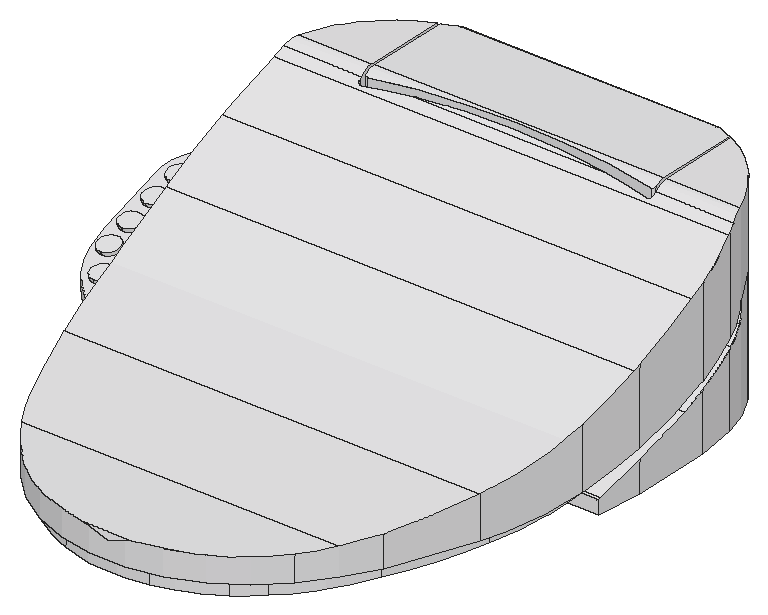
Revit family "Bidet_Seat-Elongated_Closed_Front-Cleansing-KOHLER-C3-330-K-23357T_1", category Plumbing Fixtures, host Face, Revit 2017 (continued)
Definition of nested family "K-23357T"
  Lines and regions (in)
    symbolic lines, detail levels medium+fine
      curve 107: spline (-8.20952, 0, 2.5353) -> (-8.30123, 0, 2.53279) -> (-8.38669, 0, 2.52541) -> (-8.46007, 0, 2.51368) -> (-8.51638, 0, 2.49838) -> (-8.55178, 0, 2.48058) -> (-8.56385, 0, 2.46147) -> (-8.55178, 0, 2.44236) -> (-8.51638, 0, 2.42455) -> (-8.46007, 0, 2.40926) -> (-8.38669, 0, 2.39753) -> (-8.30123, 0, 2.39015) -> (-8.20952, 0, 2.38763)
      curve 108: spline (-8.20952, 0, 2.38763) -> (-8.11782, 0, 2.39015) -> (-8.03236, 0, 2.39753) -> (-7.95897, 0, 2.40926) -> (-7.90266, 0, 2.42455) -> (-7.86727, 0, 2.44236) -> (-7.85519, 0, 2.46147) -> (-7.86727, 0, 2.48058) -> (-7.90266, 0, 2.49838) -> (-7.95897, 0, 2.51368) -> (-8.03236, 0, 2.52541) -> (-8.11782, 0, 2.53279) -> (-8.20952, 0, 2.5353)
      curve 109: spline (-8.16031, 0, 2.16203) -> (-8.0686, 0, 2.16455) -> (-7.98315, 0, 2.17192) -> (-7.90976, 0, 2.18366) -> (-7.85345, 0, 2.19895) -> (-7.81805, 0, 2.21676) -> (-7.80598, 0, 2.23587) -> (-7.81805, 0, 2.25497) -> (-7.85345, 0, 2.27278) -> (-7.90976, 0, 2.28807) -> (-7.98315, 0, 2.29981) -> (-8.0686, 0, 2.30718) -> (-8.16031, 0, 2.3097)
      curve 110: spline (-8.16031, 0, 2.3097) -> (-8.25202, 0, 2.30718) -> (-8.33748, 0, 2.29981) -> (-8.41086, 0, 2.28807) -> (-8.46717, 0, 2.27278) -> (-8.50257, 0, 2.25497) -> (-8.51464, 0, 2.23587) -> (-8.50257, 0, 2.21676) -> (-8.46717, 0, 2.19895) -> (-8.41086, 0, 2.18366) -> (-8.33748, 0, 2.17192) -> (-8.25202, 0, 2.16455) -> (-8.16031, 0, 2.16203)
      curve 111: spline (-8.98388, 0, 1.96045) -> (-8.89217, 0, 1.96297) -> (-8.80671, 0, 1.97034) -> (-8.73333, 0, 1.98208) -> (-8.67702, 0, 1.99737) -> (-8.64162, 0, 2.01517) -> (-8.62954, 0, 2.03428) -> (-8.64162, 0, 2.05339) -> (-8.67702, 0, 2.0712) -> (-8.73333, 0, 2.08649) -> (-8.80671, 0, 2.09823) -> (-8.89217, 0, 2.1056) -> (-8.98388, 0, 2.10812)
      curve 112: spline (-8.98388, 0, 2.10812) -> (-9.07558, 0, 2.1056) -> (-9.16104, 0, 2.09823) -> (-9.23443, 0, 2.08649) -> (-9.29074, 0, 2.0712) -> (-9.32613, 0, 2.05339) -> (-9.33821, 0, 2.03428) -> (-9.32613, 0, 2.01517) -> (-9.29074, 0, 1.99737) -> (-9.23443, 0, 1.98208) -> (-9.16104, 0, 1.97034) -> (-9.07558, 0, 1.96297) -> (-8.98388, 0, 1.96045)
      curve 113: spline (-8.44254, 0, 1.90047) -> (-8.53424, 0, 1.89796) -> (-8.6197, 0, 1.89058) -> (-8.69309, 0, 1.87885) -> (-8.7494, 0, 1.86356) -> (-8.78479, 0, 1.84575) -> (-8.79687, 0, 1.82664) -> (-8.78479, 0, 1.80753) -> (-8.7494, 0, 1.78972) -> (-8.69309, 0, 1.77443) -> (-8.6197, 0, 1.7627) -> (-8.53424, 0, 1.75532) -> (-8.44254, 0, 1.75281)
      curve 114: spline (-8.44254, 0, 1.75281) -> (-8.35083, 0, 1.75532) -> (-8.26537, 0, 1.7627) -> (-8.19199, 0, 1.77443) -> (-8.13568, 0, 1.78972) -> (-8.10028, 0, 1.80753) -> (-8.08821, 0, 1.82664) -> (-8.10028, 0, 1.84575) -> (-8.13568, 0, 1.86356) -> (-8.19199, 0, 1.87885) -> (-8.26537, 0, 1.89058) -> (-8.35083, 0, 1.89796) -> (-8.44254, 0, 1.90047)
      curve 115: spline (-8.1111, 0, 2.09435) -> (-8.20281, 0, 2.09183) -> (-8.28826, 0, 2.08446) -> (-8.36165, 0, 2.07273) -> (-8.41796, 0, 2.05743) -> (-8.45336, 0, 2.03963) -> (-8.46543, 0, 2.02052) -> (-8.45336, 0, 2.00141) -> (-8.41796, 0, 1.9836) -> (-8.36165, 0, 1.96831) -> (-8.28826, 0, 1.95658) -> (-8.20281, 0, 1.9492) -> (-8.1111, 0, 1.94668)
      curve 116: spline (-8.1111, 0, 1.94668) -> (-8.01939, 0, 1.9492) -> (-7.93393, 0, 1.95658) -> (-7.86055, 0, 1.96831) -> (-7.80424, 0, 1.9836) -> (-7.76884, 0, 2.00141) -> (-7.75677, 0, 2.02052) -> (-7.76884, 0, 2.03963) -> (-7.80424, 0, 2.05743) -> (-7.86055, 0, 2.07273) -> (-7.93393, 0, 2.08446) -> (-8.01939, 0, 2.09183) -> (-8.1111, 0, 2.09435)
      curve 117: line (-8.08821, 0, 1.82664) -> (-8.08821, 0, 1.64462)
      curve 118: line (-8.79687, 0, 1.82664) -> (-8.79687, 0, 1.64462)
      curve 119: spline (-8.08821, 0, 1.64462) -> (-8.10028, 0, 1.62551) -> (-8.13568, 0, 1.60771) -> (-8.19199, 0, 1.59241) -> (-8.26537, 0, 1.58068) -> (-8.35083, 0, 1.57331) -> (-8.44254, 0, 1.57079) -> (-8.53424, 0, 1.57331) -> (-8.6197, 0, 1.58068) -> (-8.69309, 0, 1.59241) -> (-8.7494, 0, 1.60771) -> (-8.78479, 0, 1.62551) -> (-8.79687, 0, 1.64462)
      curve 120: line (-7.75677, 0, 2.02052) -> (-7.75677, 0, 1.82367)
      curve 121: line (-8.46543, 0, 2.02052) -> (-8.46543, 0, 1.90032)
      curve 122: line (-8.62954, 0, 2.03428) -> (-8.62954, 0, 1.88935)
      curve 123: line (-9.33821, 0, 2.03428) -> (-9.33821, 0, 1.83743)
      curve 124: line (-9.43663, 0, 2.24963) -> (-9.43663, 0, 2.08733)
      curve 125: line (-8.72797, 0, 2.24963) -> (-8.72797, 0, 2.08733)
      curve 126: line (-8.51464, 0, 2.23587) -> (-8.51464, 0, 2.08733)
      curve 127: line (-7.80598, 0, 2.23587) -> (-7.80598, 0, 2.08733)
      curve 128: line (-8.56385, 0, 2.46147) -> (-8.56385, 0, 2.32816)
      curve 129: line (-7.85519, 0, 2.46147) -> (-7.85519, 0, 2.30752)
      curve 130: line (-8.77718, 0, 2.47523) -> (-8.77718, 0, 2.32816)
      curve 131: line (-9.48584, 0, 2.47523) -> (-9.48584, 0, 2.32816)
      curve 132: line (-9.48584, 0, 2.69058) -> (-9.48584, 0, 2.57719)
      curve 133: line (-8.77718, 0, 2.69058) -> (-8.77718, 0, 2.53567)
      curve 134: line (-8.56385, 0, 2.89216) -> (-8.56385, 0, 2.75707)
      curve 135: line (-7.85519, 0, 2.89216) -> (-7.85519, 0, 2.75707)
      curve 136: line (-7.85519, 0, 2.68707) -> (-7.85519, 0, 2.53567)
      curve 137: line (-8.56385, 0, 2.68707) -> (-8.56385, 0, 2.53567)
      curve 138: arc (-7.63931, 0, 3.06872) -> (-7.49099, 0, 2.67386) -> (-7.23606, 0, 2.33782) r 1.46101
      curve 139: line (-7.63931, 0, 3.06872) -> (-7.63931, 0, 2.47817)
      curve 140: arc (-7.63931, 0, 2.47817) -> (-7.63346, 0, 2.10397) -> (-7.61595, 0, 1.73013) r 11.98999
      curve 141: arc (-7.61595, 0, 1.73013) -> (-7.60006, 0, 1.54412) -> (-7.57571, 0, 1.35902) r 4.09671
      curve 142: line (-7.65748, 0, 1.00958) -> (-7.13563, 0, 0.9455)
      curve 143: arc (-7.40405, 0, 0.97846) -> (-7.24557, 0, 0.85672) -> (-7.0522, 0, 0.8063) r 0.50301
      curve 144: arc (-5.84394, 0, 0.89897) -> (-6.4449, 0, 0.91825) -> (-7.04595, 0, 0.93431) r 112.30857
      curve 145: arc (-7.04595, 0, 0.93431) -> (-7.09107, 0, 0.93766) -> (-7.13563, 0, 0.9455) r 0.4519
      curve 146: arc (7.75464, 0, 1.73987) -> (7.68115, 0, 1.50237) -> (7.57645, 0, 1.27687) r 1.84847
      curve 147: line (0, -20.55702, 1.06264) -> (0, -18.50652, 1.06264)
      curve 148: arc (0, -18.50652, 1.06264) -> (0, -16.55239, 1.106) -> (0, -14.60211, 1.23599) r 44.05791
      curve 149: arc (0, -14.60211, 1.23599) -> (0, -13.10896, 1.3729) -> (0, -11.61657, 1.5179) r 277.15473
      curve 150: arc (0, -11.61657, 1.5179) -> (0, -10.86968, 1.61604) -> (0, -10.13033, 1.76042) r 12.11408
      curve 151: arc (0, -10.13033, 1.76042) -> (0, -8.35233, 2.1773) -> (0, -6.57977, 2.61675) r 143.61822
      curve 152: arc (0, -6.57977, 2.61675) -> (0, -5.87991, 2.78842) -> (0, -5.17713, 2.94769) r 40.76476
      curve 153: arc (0, -5.17713, 2.94769) -> (0, -3.83625, 3.32166) -> (0, -2.54763, 3.84823) r 12.01411
      curve 154: arc (0, -2.54763, 3.84823) -> (0, -2.31862, 3.96109) -> (0, -2.09239, 4.07942) r 10.6303
      curve 155: arc (0, -2.09239, 4.07942) -> (0, -1.69592, 4.42342) -> (0, -1.48443, 4.90384) r 1.19876
      curve 156: arc (0, -1.48443, 4.90384) -> (0, -1.4424, 5.15122) -> (0, -1.41311, 5.40044) r 4.88846
      curve 157: arc (0, -1.41311, 5.40044) -> (0, -1.40726, 5.49442) -> (0, -1.40686, 5.58859) r 1.62134
      curve 158: arc (0, -1.40686, 5.58859) -> (0, -1.40827, 5.70164) -> (0, -1.40685, 5.81469) r 4.52807
      curve 159: line (0, -0.29386, 5.78302) -> (0, -2.7649, 5.78302)
      curve 160: arc (0, -2.7649, 5.78302) -> (0, -3.50097, 5.67819) -> (0, -4.17852, 5.37205) r 2.63671
      curve 161: arc (0, -4.17852, 5.37205) -> (0, -5.05227, 4.80818) -> (0, -5.91776, 4.23172) r 71.76511
      curve 162: arc (0, -5.91776, 4.23172) -> (0, -7.61914, 3.2638) -> (0, -9.44968, 2.57048) r 12.62678
      curve 163: arc (0, -9.44968, 2.57048) -> (0, -10.81781, 2.2121) -> (0, -12.204, 1.93162) r 25.01177
      curve 164: arc (0, -12.204, 1.93162) -> (0, -13.42985, 1.74432) -> (0, -14.66213, 1.60558) r 31.39964
      curve 165: arc (0, -14.66213, 1.60558) -> (0, -15.98788, 1.49158) -> (0, -17.31502, 1.3951) r 100.80254
      curve 166: arc (0, -17.31502, 1.3951) -> (0, -18.18538, 1.34671) -> (0, -19.05656, 1.3165) r 41.76877
      curve 167: arc (0, -19.05656, 1.3165) -> (0, -19.72903, 1.30252) -> (0, -20.40158, 1.29316) r 97.79012
      curve 168: line (0, -20.44785, 1.11369) -> (0, -20.40001, 1.29925)
      curve 169: line (0, -20.37072, 1.33268) -> (0, -20.16243, 1.54096)
      curve 170: arc (0, -20.40001, 1.29925) -> (0, -20.38934, 1.31945) -> (0, -20.37072, 1.33268) r 0.04934
      curve 171: arc (0, -20.47757, 1.07381) -> (0, -20.45879, 1.09083) -> (0, -20.44785, 1.11369) r 0.06569
      curve 172: line (0, -0.87169, 0.39921) -> (0, -0.89842, 0.70472)
      curve 173: line (0, -1.1676, 0.39921) -> (0, -1.19433, 0.70472)
      curve 174: spline (0, -1.19433, 0.70472) -> (0, -1.18928, 0.77824) -> (0, -1.1745, 0.84675) -> (0, -1.15099, 0.90558) -> (0, -1.12035, 0.95072) -> (0, -1.08466, 0.9791) -> (0, -1.04637, 0.98878) -> (0, -1.00808, 0.9791) -> (0, -0.97239, 0.95072) -> (0, -0.94175, 0.90558) -> (0, -0.91824, 0.84675) -> (0, -0.90346, 0.77824) -> (0, -0.89842, 0.70472)
      curve 175: line (0, -11.87895, 0.93336) -> (0, -3.72538, 2.81576)
      curve 176: line (0, -11.87895, 1.27729) -> (0, -11.87895, 0.93336)
      curve 177: line (0, -3.72538, 3.15969) -> (0, -4.92287, 2.88323)
      curve 178: line (0, -3.72538, 2.81576) -> (0, -3.72538, 3.15969)
      curve 179: line (0, -4.9405, 2.966) -> (0, -5.63361, 2.81833)
      curve 180: line (0, -5.61347, 2.7238) -> (0, -5.63361, 2.81833)
      curve 181: line (0, -4.92287, 2.88323) -> (0, -4.9405, 2.966)
      curve 182: line (0, -6.57263, 2.50236) -> (0, -6.87518, 2.43251)
      curve 183: line (0, -5.61347, 2.7238) -> (0, -5.88203, 2.66179)
      curve 184: line (0, -6.57263, 2.50236) -> (0, -6.59117, 2.58936)
      curve 185: line (0, -5.88203, 2.66179) -> (0, -5.90315, 2.7609)
      curve 186: line (0, -5.90315, 2.7609) -> (0, -6.59117, 2.58936)
      curve 187: line (0, -7.62939, 2.25838) -> (0, -7.92923, 2.18916)
      curve 188: line (0, -6.87518, 2.43251) -> (0, -6.89964, 2.52952)
      curve 189: line (0, -7.62939, 2.25838) -> (0, -7.6506, 2.3444)
      curve 190: line (0, -6.89964, 2.52952) -> (0, -7.6506, 2.3444)
      curve 191: line (0, -8.68279, 2.01519) -> (0, -8.93493, 1.95697)
      curve 192: line (0, -7.92923, 2.18916) -> (0, -7.94982, 2.27345)
      curve 193: line (0, -8.68279, 2.01519) -> (0, -8.6985, 2.0889)
      curve 194: line (0, -8.93493, 1.95697) -> (0, -8.95013, 2.02832)
      curve 195: line (0, -9.68991, 1.78267) -> (0, -9.70423, 1.84986)
      curve 196: line (0, -7.94982, 2.27345) -> (0, -8.6985, 2.0889)
      curve 197: line (0, -8.95013, 2.02832) -> (0, -9.70423, 1.84986)
      curve 198: line (0, -9.68991, 1.78267) -> (0, -9.98602, 1.71431)
      curve 199: line (0, -9.98602, 1.71431) -> (0, -10.00122, 1.78566)
      curve 200: line (0, -10.741, 1.54001) -> (0, -10.75531, 1.6072)
      curve 201: line (0, -10.00122, 1.78566) -> (0, -10.75531, 1.6072)
      curve 202: line (0, -10.741, 1.54001) -> (0, -11.87895, 1.27729)
      curve 203: line (0, -4.92287, 2.88323) -> (0, -5.61347, 2.7238)
      curve 204: line (0, -5.88203, 2.66179) -> (0, -6.57263, 2.50236)
      curve 205: line (0, -6.87518, 2.43251) -> (0, -7.62939, 2.25838)
      curve 206: line (0, -7.92923, 2.18916) -> (0, -8.68279, 2.01519)
      curve 207: line (0, -9.98602, 1.71431) -> (0, -10.741, 1.54001)
      curve 208: line (0, -8.93493, 1.95697) -> (0, -9.68991, 1.78267)
      curve 209: arc (0, -20.59291, 1.09578) -> (0, -20.58144, 1.07219) -> (0, -20.55702, 1.06264) r 0.03601
      curve 210: arc (0, -20.50845, 1.06264) -> (0, -20.49246, 1.06672) -> (0, -20.47757, 1.07381) r 0.08478
      curve 211: line (0, -6.44053, 1.6219) -> (0, -5.05191, 2.11467)
      curve 212: arc (0, -5.05191, 2.11467) -> (0, -4.59792, 2.28136) -> (0, -4.14766, 2.45788) r 22.23331
      curve 213: arc (0, -4.14766, 2.45788) -> (0, -3.88224, 2.59399) -> (0, -3.64523, 2.7751) r 1.67185
      curve 214: arc (0, -3.64523, 2.7751) -> (0, -3.43805, 3.04994) -> (0, -3.34299, 3.38072) r 0.9454
      curve 215: arc (0, -3.34299, 3.38072) -> (0, -3.3377, 3.44343) -> (0, -3.33401, 3.50626) r 2.47877
      curve 216: line (0, -20.39606, 0.75877) -> (0, -18.03385, 0.75877)
      curve 217: arc (0, -18.03385, 0.75877) -> (0, -16.04326, 0.79764) -> (0, -14.05571, 0.91417) r 50.99685
      curve 218: arc (0, -14.05571, 0.91417) -> (0, -12.9633, 1.03004) -> (0, -11.87895, 1.20597) r 19.91383
      curve 219: arc (0, -12.6311, 0.14764) -> (0, -11.86386, 0.29257) -> (0, -11.10551, 0.47851) r 14.52895
      curve 220: line (0, -16.60379, 0.14764) -> (0, -18.37544, 0.14764)
      curve 221: line (0, -0.01171, 0.39921) -> (0, -5.78549, 0.39921)
      curve 222: line (0, -9.71067, 0.39921) -> (0, -9.81032, 0.40968)
      curve 223: line (0, -6.74021, 0.68439) -> (0, -6.74021, 0)
      curve 224: spline (0, -5.78268, 0.68453) -> (0, -5.80385, 0.80439) -> (0, -5.85439, 0.91508) -> (0, -5.93108, 1.00953) -> (0, -6.029, 1.08167) -> (0, -6.14187, 1.12689) -> (0, -6.26246, 1.14228) -> (0, -6.38306, 1.12688) -> (0, -6.49593, 1.08165) -> (0, -6.59384, 1.0095) -> (0, -6.67053, 0.91505) -> (0, -6.72107, 0.80435) -> (0, -6.74223, 0.68449)
      curve 225: line (0, -5.78549, 0) -> (0, -5.78549, 0.68439)
      curve 226: line (0, -6.74021, 0.39921) -> (0, -9.71067, 0.39921)
      curve 227: arc (-7.55282, -4.89341, 0) -> (-7.60109, -5.95731, 0) -> (-7.65296, -7.02104, 0) r 314.62032
      curve 228: arc (-7.48688, -4.03124, 0) -> (-7.5269, -4.46178, 0) -> (-7.55282, -4.89341, 0) r 13.23134
  Dimensions and locks (in)
    plane 6 to plane 1 "Center (Front/Back)" = 20.59055"
    plane 8 to plane 2 = 6.30709"
    plane 9 to plane 6 = 16.09055"
    plane 10 to level = 1.55118"
    plane 5 to plane 4 = 17.5315"
    aligned and locked: plane 2 to level
Definition of nested family "Light Source"
  Parameters (values of type "Light Source")
    Wattage = 30 W
    built-in parameter 1150110 = 1 (stored number, unit not read)
    built-in parameter 1114217 = 1 (stored number, unit not read)
    built-in parameter 1150109 = 1 (stored number, unit not read)
    built-in parameter 1150134 = 1
    built-in parameter 1150113 = 1 (stored number, unit not read)
    built-in parameter 1150105 = 23.873 (stored number, unit not read)
    Lumens = 300 lm
    built-in parameter 1150115 = 1 (stored number, unit not read)
    Light Source Symbol Size = 12"
    built-in parameter 1150137 = (empty or 0)
    built-in parameter 1150139 = (empty or 0)
    built-in parameter 1150112 = 1 (stored number, unit not read)
    built-in parameter 1150114 = 1 (stored number, unit not read)
    built-in parameter 1150132 = (empty or 0)
    built-in parameter 1150102 = (empty or 0)
    built-in parameter 1150107 = 6500 (stored number, unit not read)
    built-in parameter 1150138 = (empty or 0)
    built-in parameter 1150106 = 0.23873 (stored number, unit not read)
    Emit from Line Length = 12"
    built-in parameter 1150104 = 0.92903 (stored number, unit not read)
    Dimming Lamp Color Temperature Shift = 1
    Default Elevation = 48"
    Color Filter = 15234564
    built-in parameter 1114218 = 1 (stored number, unit not read)
    built-in parameter 1150133 = 10 (stored number, unit not read)
  Reference planes (in)
    plane 1 "Center (Front/Back)": y = 0
    plane 2: z = 0
    plane 3 "Center (Left/Right)": x = 0
  Dimensions and locks (in)
    aligned and locked: plane 2 to level
Types (3): name | Type | Product Page URL | Model | Description
  (no name) | 1 | "https://www.kohler.com.cn/product/K-23357T-0/K-23357T-0/" | "K-23357T-0" | "Qingshubao Smart Toilet Cover"
  0-White | 1 | "https://www.kohler.com.cn/product/K-23357T-0/K-23357T-0/" | "K-23357T-0" | "Qingshubao Smart Toilet Cover"
  Hidden Chord, 0-White | 2 | "https://www.kohler.com.cn/product/K-23357T-HC-0/K-23357T-HC-0/" | "K-23357T-HC-0" | "Qingshubao Smart Toilet Cover (Smart Simplified Version)"
